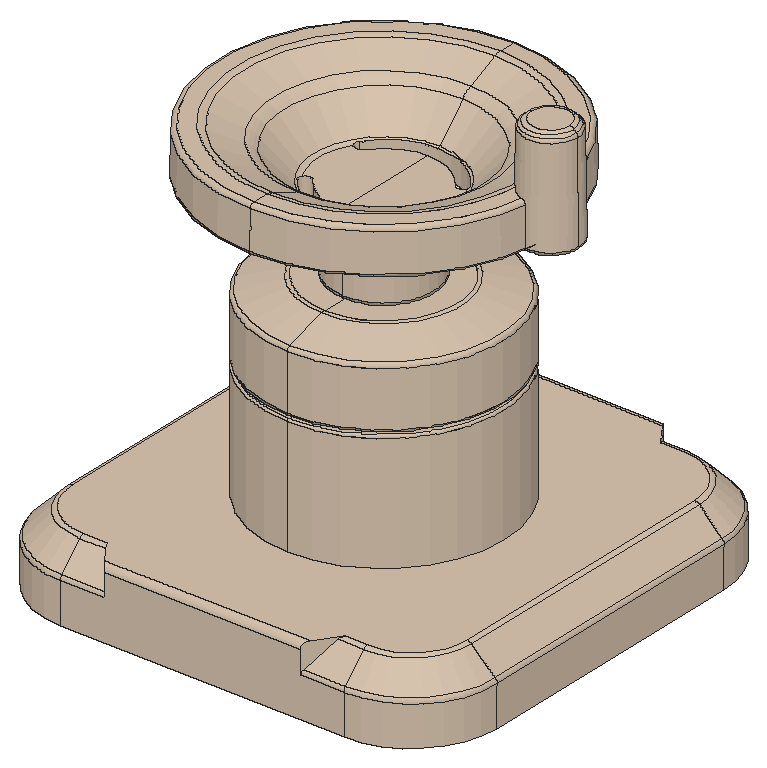
Revit family "Shower-Valve_Trim-KALLISTA-Vice-P34889", category Specialty Equipment, host Face, Revit 2021
Family settings
  Host = Face
  Round Connector Dimension = Use Diameter
  Part Type = Normal
  OmniClass Number = 23.31.25.00
  OmniClass Title = Toilet and Bath Specialties
  Cut with Voids When Loaded = No
  Shared = No
  Room Calculation Point = No
Parameters (values of type "AF-French Gold")
  Width = 4"  # constant formula
  WaterSense Certified = 1 = 0  # no
  URL = "https://www.kallista.com/"
  Type = 1
  Product Page URL = ""
  Product Name = "Vice"  # constant formula
  Product Documentation Link = ""
  Model = if(Type = 1, "P34889-00-AF", if(Type = 2, "P34889-00-BGP", if(Type = 3, "P34889-00-CP", if(Type = 4, "P34889-00-SN", "NA"))))  # "P34889-00-AF"
  Material = "Premium Metal Construction"  # constant formula
  Master Format 2014 Name = "Toilet, Bath, and Laundry Accessories"  # constant formula
  Master Format 2014 = "10 28 00"  # constant formula
  Manufacturer Address = "444 Highland Dr, Kohler, WI 53044"  # constant formula
  Manufacturer = "Kallista Co."  # constant formula
  Length = 4.08661"  # constant formula
  Height = 4"  # constant formula
  Handle Clearance = 3.20185"  # constant formula
  Finish = Kallista-Metal-AF-French_Gold
  Environmental Product Declaration = ""
  Drain Included = 1 = 0  # no
  Description = "Transfer TR M Wheel"  # constant formula
  Default Elevation = 42"
  Declare Label = ""
  Date Modified = "05/26/2024"  # constant formula
  Date Created = "05/26/2024"  # constant formula
  Copyright = "Copyright Kallista Co."  # constant formula
  Contact Us = "https://www.kallista.com/corporate/contact-us/"
  Assembly Code = "C1030200"
  ADA Compliant = 1 = 0  # no
Types (5): name | Type | Model | Finish | Assembly Code
  (no name) | 1 | "P34889-00-AF" | Kallista-Metal-AF-French_Gold | "C1030200"
  AF-French Gold | 1 | "P34889-00-AF" | Kallista-Metal-AF-French_Gold | "C1030200"
  BGP | 2 | "P34889-00-BGP" | Kallista-Metal-BGP | "D2010700"
  CP-Chrome | 3 | "P34889-00-CP" | Kallista-Metal-CP-Chrome | "D2010700"
  SN-Polished Nickel | 4 | "P34889-00-SN" | Kallista-Metal-SN-Polished_Nickel | "D2010700"
Reference planes (in)
  plane 1 "Center (Front/Back)": y = 0
  plane 2: z = 0
  plane 3 "Center (Left/Right)": x = 0
  plane 4: y = 2
  plane 5: y = -2
  plane 6: x = -2
  plane 7: x = 2
  plane 8: x = 1.0629921
  plane 9: x = -1.0629921
  plane 10: y = 1.0629921
  plane 11: y = -1.0629921
  plane 12: z = 4.0866142
  plane 13: z = 0.6102362
  plane 14: y = 1.475884
  plane 15: y = -1.4758876
  plane 16: x = 1.7259843
  plane 17: x = -1.4758661
Dimensions and locks (in)
  "Width": plane 6 to plane 7
  "Height": plane 4 to plane 5
  plane 9 to plane 8 = 2.12598"
  level to plane 13 = 0.61024"
  "Length": level to plane 12
  "Handle Clearance": plane 16 to plane 17
  aligned and locked: plane 2 to host face
  aligned and locked: level to host face
  aligned and locked: plane 1 "Center (Front/Back)" to nested 1
  aligned and locked: plane 3 "Center (Left/Right)" to nested 1
Automatic sketch dimensions
  host sketch curve to host sketch curve = 96"  (x2)
Nested families (in)
  nested 1: "P34889" at (0, 0, 0), type "P34889"
Definition of nested family "P34889"
  Parameters
    Material = none
    Default Elevation = 0"
  Reference planes (in)
    plane 1 "Center (Front/Back)": y = 0
    plane 2: z = 0
    plane 3 "Center (Left/Right)": x = 0
    plane 4: z = 0.6102362
    plane 5: y = -1.0629921
    plane 6: y = 1.0629921
    plane 7: z = 4.0866142
    plane 8: x = 1.0629921
    plane 9: x = -1.0629921
    plane 10: x = 2
    plane 11: x = -2
    plane 12: y = 2
    plane 13: y = -2
    plane 14: z = 3.1430547
    plane 15: y = 1.475884
    plane 16: y = -1.475884
    plane 17: x = 1.7259848
    plane 18: x = -1.475868
  Forms (in)
    Sweep 1, solid, material <- "Material"
      path origin (0, 0, 0) x (1, 0, 0) y (0, 1, 0)
        loop
          line (1.2519685, 2) -> (-1.2519685, 2)
          arc (-1.2519685, 2) -> (-1.7809066, 1.7809066) -> (-2, 1.2519685) r 0.7480315
          line (-2, 1.2519685) -> (-2, -1.2519685)
          arc (-2, -1.2519685) -> (-1.7809066, -1.7809066) -> (-1.2519685, -2) r 0.7480315
          line (-1.2519685, -2) -> (1.2519685, -2)
          arc (1.2519685, -2) -> (1.7809066, -1.7809066) -> (2, -1.2519685) r 0.7480315
          line (2, -1.2519685) -> (2, 1.2519685)
          arc (2, 1.2519685) -> (1.7809066, 1.7809066) -> (1.2519685, 2) r 0.7480315
      profile origin (2, 0, 0) x (1, 0, 0) y (0, 0, 1)
        loop
          line (0, 0) -> (0, 0.3517833)
          arc (0, 0.3517833) -> (-0.0043223, 0.3735131) -> (-0.0166313, 0.3919347) r 0.0567827
          line (-0.0166313, 0.3919347) -> (-0.2177223, 0.5930257)
          arc (-0.2177223, 0.5930257) -> (-0.2367855, 0.6057634) -> (-0.2592721, 0.6102362) r 0.0587602
          line (-0.2592721, 0.6102362) -> (-0.2941105, 0.6102362) -> (-0.2941105, 0) -> (0, 0)
    Extrusion 2, solid, material <- "Material"
      sketch origin (0, 0, 0) x (0, 1, 0) y (0, 0, 1)
        loop
          line (2, 0.3265533) -> (2, 0.5511811)
          arc (2, 0.5511811) -> (1.9827032, 0.5929394) -> (1.9409449, 0.6102362) r 0.0590551
          line (1.9409449, 0.6102362) -> (1.7163171, 0.6102362) -> (2, 0.3265533)
        loop
          line (-2, 0.3265533) -> (-1.7163171, 0.6102362) -> (-1.9409449, 0.6102362)
          arc (-1.9409449, 0.6102362) -> (-1.9827032, 0.5929394) -> (-2, 0.5511811) r 0.0590551
          line (-2, 0.5511811) -> (-2, 0.3265533)
      from -1.0899497 to 1.0744252
    Extrusion 3, solid, material <- "Material"
      sketch origin (0, 0, 0) x (1, 0, 0) y (0, 1, 0)
        loop
          arc (-1.7058895, -1.2519685) -> (-1.5729391, -1.5729391) -> (-1.2519685, -1.7058895) r 0.453921
          line (-1.2519685, -1.7058895) -> (1.2519685, -1.7058895)
          arc (1.2519685, -1.7058895) -> (1.5729391, -1.5729391) -> (1.7058895, -1.2519685) r 0.453921
          line (1.7058895, -1.2519685) -> (1.7058895, 1.2519685)
          arc (1.7058895, 1.2519685) -> (1.5729391, 1.5729391) -> (1.2519685, 1.7058895) r 0.453921
          line (1.2519685, 1.7058895) -> (-1.2519685, 1.7058895)
          arc (-1.2519685, 1.7058895) -> (-1.5729391, 1.5729391) -> (-1.7058895, 1.2519685) r 0.453921
          line (-1.7058895, 1.2519685) -> (-1.7058895, -1.2519685)
      from 0 to 0.6102362
    Revolve 4, solid, material <- "Material", detail levels medium+fine
      sketch origin (0, 0, 0) x (0, 1, 0) y (0, 0, 1)
        loop
          line (1.0629921, 0.6102362) -> (1.0629921, 1.6359895)
          arc (1.0629921, 1.6359895) -> (1.0572265, 1.6499089) -> (1.0433071, 1.6556745) r 0.019685
          line (1.0433071, 1.6556745) -> (0.7780673, 1.6556745)
          arc (0.7780673, 1.6556745) -> (0.7454984, 1.6635268) -> (0.7200862, 1.6853583) r 0.071469
          line (0.7200862, 1.6853583) -> (1.0433071, 1.6853583)
          arc (1.0433071, 1.6853583) -> (1.0572265, 1.6911239) -> (1.0629921, 1.7050433) r 0.019685
          line (1.0629921, 1.7050433) -> (1.0629921, 2.1887982)
          arc (1.0629921, 2.1887982) -> (1.0551981, 2.2123133) -> (1.0349019, 2.2265178) r 0.0393701
          line (1.0349019, 2.2265178) -> (0.6852022, 2.3310934)
          arc (0.6852022, 2.3310934) -> (0.6687497, 2.3347368) -> (0.651943, 2.3359599) r 0.1160851
          line (0.651943, 2.3359599) -> (0.4217514, 2.3359599)
          arc (0.4217514, 2.3359599) -> (0.4414398, 2.3454618) -> (0.4496581, 2.3657196) r 0.0303936
          line (0.4496581, 2.3657196) -> (0.4557118, 2.7112765)
          arc (0.4557118, 2.7112765) -> (0.4597569, 2.7392769) -> (0.4706537, 2.7653853) r 0.1126025
          arc (0.4706537, 2.7653853) -> (0.4775186, 2.7820383) -> (0.4798596, 2.7998979) r 0.069296
          line (0.4798596, 2.7998979) -> (0.4798596, 2.8596706) -> (0.6104282, 2.8596706)
          arc (0.6104282, 2.8596706) -> (0.6265316, 2.862892) -> (0.6401565, 2.8720602) r 0.0418608
          line (0.6401565, 2.8720602) -> (1.1117797, 3.3477984)
          arc (1.1117797, 3.3477984) -> (1.1465652, 3.3712056) -> (1.1876784, 3.37943) r 0.1068739
          line (1.1876784, 3.37943) -> (1.2355474, 3.37943)
          arc (1.2355474, 3.37943) -> (1.2912251, 3.3563675) -> (1.3142875, 3.3006898) r 0.0787402
          line (1.3142875, 3.3006898) -> (1.3142875, 3.1725822)
          arc (1.3142875, 3.1725822) -> (1.322936, 3.1517031) -> (1.3438151, 3.1430547) r 0.0295276
          line (1.3438151, 3.1430547) -> (1.4555061, 3.1430547)
          arc (1.4555061, 3.1430547) -> (1.4695352, 3.1489308) -> (1.4751887, 3.163051) r 0.019685
          line (1.4751887, 3.163051) -> (1.4699042, 3.4971682)
          arc (1.4699042, 3.4971682) -> (1.4581569, 3.5246037) -> (1.4305391, 3.5359157) r 0.0393701
          line (1.4305391, 3.5359157) -> (1.2885803, 3.5359157)
          arc (1.2885803, 3.5359157) -> (1.2578356, 3.5328199) -> (1.2283253, 3.5236567) r 0.1542109
          line (1.2283253, 3.5236567) -> (0.960066, 3.4097874)
          arc (0.960066, 3.4097874) -> (0.9100382, 3.3820565) -> (0.8668692, 3.3445303) r 0.2736072
          line (0.8668692, 3.3445303) -> (0.6186028, 3.0782971)
          arc (0.6186028, 3.0782971) -> (0.5997083, 3.0649438) -> (0.5770563, 3.0602322) r 0.0568077
          line (0.5770563, 3.0602322) -> (0, 3.0602322) -> (0, 0.6102362) -> (1.0629921, 0.6102362)
        axis (0, 3.5359157) -> (0, 0.6102362)
      angle from 0 to 360
    Extrusion 5, void
      sketch origin (0, 0, 0) x (1, 0, 0) y (0, 1, 0)
        loop
          arc (0.4970031, -0.3392668) -> (0.4821988, -0.2619465) -> (0.4047385, -0.276) r 0.0559388
          arc (0.4047385, -0.276) -> (0.0012769, -0.4865254) -> (-0.4029578, -0.2774883) r 0.4936139
          arc (-0.4029578, -0.2774883) -> (-0.4784443, -0.2640111) -> (-0.4927866, -0.3393379) r 0.0545347
          arc (-0.4927866, -0.3393379) -> (0.0021272, -0.6030683) -> (0.4970031, -0.3392668) r 0.59616
        loop
          arc (0.4970031, 0.3392668) -> (0.0021272, 0.6030683) -> (-0.4927866, 0.3393379) r 0.59616
          arc (-0.4927866, 0.3393379) -> (-0.4784443, 0.2640111) -> (-0.4029578, 0.2774883) r 0.0545347
          arc (-0.4029578, 0.2774883) -> (0.0012769, 0.4865254) -> (0.4047385, 0.276) r 0.4936139
          arc (0.4047385, 0.276) -> (0.4821988, 0.2619465) -> (0.4970031, 0.3392668) r 0.0559388
      from 2.8418576 to 3.7010846
    Sweep 6, solid, material <- "Material", detail levels medium+fine
      path origin (0, 0, 0) x (1, 0, 0) y (0, 1, 0)
        loop
          circle (1.4728493, -0.0020668) r 0.253022
      profile origin (1.7258714, -0.0020668, 0) x (1, 0, 0) y (0, 0, 1)
        loop
          line (0.0000025, 3.1630833) -> (-0.0149886, 4.0219257)
          arc (-0.0149886, 4.0219257) -> (-0.018295, 4.0370451) -> (-0.0271736, 4.0497219) r 0.0393701
          line (-0.0271736, 4.0497219) -> (-0.0505771, 4.0720538)
          arc (-0.0505771, 4.0720538) -> (-0.0673484, 4.0828387) -> (-0.0869275, 4.0866142) r 0.052655
          line (-0.0869275, 4.0866142) -> (-0.1266959, 4.0866142) -> (-0.1266959, 3.1430547) -> (-0.0196795, 3.1430547)
          arc (-0.0196795, 3.1430547) -> (-0.0056391, 3.1489423) -> (0.0000025, 3.1630833) r 0.019685
    Extrusion 7, solid, material <- "Material", detail levels medium+fine
      sketch origin (0, 0, 0) x (1, 0, 0) y (0, 1, 0)
        loop
          circle (1.4728493, -0.0020668) r 0.1263261
      from 3.1430547 to 4.0866142
    Revolve 8, solid, material <- "Material", detail levels coarse
      sketch origin (0, 0, 0) x (0, 1, 0) y (0, 0, 1)
        loop
          line (1.0629921, 0.6102362) -> (1.0629921, 2.3359599) -> (0.4798596, 2.3359599) -> (0.4798596, 2.8596706) -> (0.6278741, 2.8596706) -> (1.1117797, 3.3477984)
          arc (1.1117797, 3.3477984) -> (1.1465652, 3.3712056) -> (1.1876784, 3.37943) r 0.1068739
          line (1.1876784, 3.37943) -> (1.2355474, 3.37943)
          arc (1.2355474, 3.37943) -> (1.2912251, 3.3563675) -> (1.3142875, 3.3006898) r 0.0787402
          line (1.3142875, 3.3006898) -> (1.3142875, 3.1725822)
          arc (1.3142875, 3.1725822) -> (1.322936, 3.1517031) -> (1.3438151, 3.1430547) r 0.0295276
          line (1.3438151, 3.1430547) -> (1.4751887, 3.1430547) -> (1.4751887, 3.5359157) -> (1.2885803, 3.5359157)
          arc (1.2885803, 3.5359157) -> (1.2578356, 3.5328199) -> (1.2283253, 3.5236567) r 0.1542109
          line (1.2283253, 3.5236567) -> (0.960066, 3.4097874)
          arc (0.960066, 3.4097874) -> (0.9100382, 3.3820565) -> (0.8668692, 3.3445303) r 0.2736072
          line (0.8668692, 3.3445303) -> (0.6017569, 3.0602322) -> (0, 3.0602322) -> (0, 0.6102362) -> (1.0629921, 0.6102362)
        axis (0, 3.5359157) -> (0, 0.6102362)
      angle from 0 to 360
    Extrusion 9, solid, material <- "Material", detail levels coarse
      sketch origin (0, 0, 0) x (1, 0, 0) y (0, 1, 0)
        loop
          circle (1.4728493, -0.0020668) r 0.253022
      from 3.1430547 to 4.0866142
    Extrusion 10, void
      sketch origin (0, 0, 0) x (1, 0, 0) y (0, 1, 0)
        loop
          line (-1.3452651, 1.3144681) -> (-0.7298713, 2.1933416) -> (-1.3452651, 2.1933416) -> (-1.3452651, 1.3144681)
        loop
          line (1.3452651, 1.3144681) -> (1.3452651, 2.1933416) -> (0.7298713, 2.1933416) -> (1.3452651, 1.3144681)
        loop
          line (-1.3452651, -1.3144681) -> (-1.3452651, -2.1933416) -> (-0.7298713, -2.1933416) -> (-1.3452651, -1.3144681)
        loop
          line (1.3452651, -1.3144681) -> (0.7298713, -2.1933416) -> (1.3452651, -2.1933416) -> (1.3452651, -1.3144681)
      from 0 to 9.8425197
  Cuts and joins
    Extrusion 10 cuts Extrusion 2
    joined: Sweep 1, Extrusion 2, Extrusion 3
    Extrusion 5 cuts Revolve 4
    joined: Sweep 6, Extrusion 7
  Lines and regions (in)
    Masking region 1
      outline origin (0, 0, 0) x (0, 1, 0) y (0, 0, 1)
        loop
          line (2, 0) -> (2, 0.5511811)
          arc (2, 0.5511811) -> (1.9827032, 0.5929394) -> (1.9409449, 0.6102362) r 0.0590551
          line (1.9409449, 0.6102362) -> (1.0629921, 0.6102362) -> (1.0629921, 1.6359895)
          arc (1.0629921, 1.6359895) -> (1.0572265, 1.6499089) -> (1.0433071, 1.6556745) r 0.019685
          line (1.0433071, 1.6556745) -> (0.7780673, 1.6556745)
          arc (0.7780673, 1.6556745) -> (0.7454984, 1.6635268) -> (0.7200862, 1.6853583) r 0.071469
          line (0.7200862, 1.6853583) -> (1.0433071, 1.6853583)
          arc (1.0433071, 1.6853583) -> (1.0572265, 1.6911239) -> (1.0629921, 1.7050433) r 0.019685
          line (1.0629921, 1.7050433) -> (1.0629921, 2.1887982)
          arc (1.0629921, 2.1887982) -> (1.0551981, 2.2123133) -> (1.0349019, 2.2265178) r 0.0393701
          line (1.0349019, 2.2265178) -> (0.6852022, 2.3310934)
          arc (0.6852022, 2.3310934) -> (0.6687497, 2.3347368) -> (0.651943, 2.3359599) r 0.1160851
          line (0.651943, 2.3359599) -> (0.4324844, 2.3359599)
          arc (0.4324844, 2.3359599) -> (0.4511763, 2.34586) -> (0.4588826, 2.365558) r 0.0303936
          line (0.4588826, 2.365558) -> (0.4649391, 2.7112765)
          arc (0.4649391, 2.7112765) -> (0.4689843, 2.7392769) -> (0.479881, 2.7653853) r 0.1126025
          arc (0.479881, 2.7653853) -> (0.4867459, 2.7820383) -> (0.489087, 2.7998979) r 0.069296
          line (0.489087, 2.7998979) -> (0.489087, 2.8596706) -> (0.6104282, 2.8596706)
          arc (0.6104282, 2.8596706) -> (0.6265316, 2.862892) -> (0.6401565, 2.8720602) r 0.0418608
          line (0.6401565, 2.8720602) -> (0.9088069, 3.1430547) -> (1.456202, 3.1430547)
          arc (1.456202, 3.1430547) -> (1.4702424, 3.1489423) -> (1.475884, 3.1630833) r 0.019685
          line (1.475884, 3.1630833) -> (1.4700354, 3.4981521)
          arc (1.4700354, 3.4981521) -> (1.4582662, 3.5255457) -> (1.4306713, 3.5368351) r 0.0393701
          line (1.4306713, 3.5368351) -> (0.2878907, 3.5368351)
          arc (0.2878907, 3.5368351) -> (0.2616274, 3.5439362) -> (0.2425211, 3.5633047) r 0.0521171
          line (0.2425211, 3.5633047) -> (0.2345492, 4.0200135)
          arc (0.2345492, 4.0200135) -> (0.2309147, 4.0367455) -> (0.2211512, 4.0508113) r 0.0438627
          line (0.2211512, 4.0508113) -> (0.1962985, 4.0747937)
          arc (0.1962985, 4.0747937) -> (0.1828107, 4.0835475) -> (0.1670264, 4.0866142) r 0.0421549
          line (0.1670264, 4.0866142) -> (0, 4.0866142) -> (-0.1670264, 4.0866142)
          arc (-0.1670264, 4.0866142) -> (-0.1828107, 4.0835475) -> (-0.1962985, 4.0747937) r 0.0421549
          line (-0.1962985, 4.0747937) -> (-0.2211512, 4.0508113)
          arc (-0.2211512, 4.0508113) -> (-0.2309147, 4.0367455) -> (-0.2345492, 4.0200135) r 0.0438627
          line (-0.2345492, 4.0200135) -> (-0.2425211, 3.5633047)
          arc (-0.2425211, 3.5633047) -> (-0.2616274, 3.5439362) -> (-0.2878907, 3.5368351) r 0.0521171
          line (-0.2878907, 3.5368351) -> (-1.4306713, 3.5368351)
          arc (-1.4306713, 3.5368351) -> (-1.4582662, 3.5255457) -> (-1.4700354, 3.4981521) r 0.0393701
          line (-1.4700354, 3.4981521) -> (-1.475884, 3.1630833)
          arc (-1.475884, 3.1630833) -> (-1.4702424, 3.1489423) -> (-1.456202, 3.1430547) r 0.019685
          line (-1.456202, 3.1430547) -> (-0.9088069, 3.1430547) -> (-0.6401565, 2.8720602)
          arc (-0.6401565, 2.8720602) -> (-0.6265316, 2.862892) -> (-0.6104282, 2.8596706) r 0.0418608
          line (-0.6104282, 2.8596706) -> (-0.489087, 2.8596706) -> (-0.489087, 2.7998979)
          arc (-0.489087, 2.7998979) -> (-0.4867459, 2.7820383) -> (-0.479881, 2.7653853) r 0.069296
          arc (-0.479881, 2.7653853) -> (-0.4689843, 2.7392769) -> (-0.4649391, 2.7112765) r 0.1126025
          line (-0.4649391, 2.7112765) -> (-0.4588826, 2.365558)
          arc (-0.4588826, 2.365558) -> (-0.4511763, 2.34586) -> (-0.4324844, 2.3359599) r 0.0303936
          line (-0.4324844, 2.3359599) -> (-0.651943, 2.3359599)
          arc (-0.651943, 2.3359599) -> (-0.6687497, 2.3347368) -> (-0.6852022, 2.3310934) r 0.1160851
          line (-0.6852022, 2.3310934) -> (-1.0349019, 2.2265178)
          arc (-1.0349019, 2.2265178) -> (-1.0551981, 2.2123133) -> (-1.0629921, 2.1887982) r 0.0393701
          line (-1.0629921, 2.1887982) -> (-1.0629921, 1.7050433)
          arc (-1.0629921, 1.7050433) -> (-1.0572265, 1.6911239) -> (-1.0433071, 1.6853583) r 0.019685
          line (-1.0433071, 1.6853583) -> (-0.7200862, 1.6853583)
          arc (-0.7200862, 1.6853583) -> (-0.7454984, 1.6635268) -> (-0.7780673, 1.6556745) r 0.071469
          line (-0.7780673, 1.6556745) -> (-1.0433071, 1.6556745)
          arc (-1.0433071, 1.6556745) -> (-1.0572265, 1.6499089) -> (-1.0629921, 1.6359895) r 0.019685
          line (-1.0629921, 1.6359895) -> (-1.0629921, 0.6102362) -> (-1.9409449, 0.6102362)
          arc (-1.9409449, 0.6102362) -> (-1.9827032, 0.5929394) -> (-2, 0.5511811) r 0.0590551
          line (-2, 0.5511811) -> (-2, 0) -> (0, 0) -> (2, 0)
    Masking region 2
      outline origin (0, 0, 0) x (1, 0, 0) y (0, 1, 0)
        loop
          line (0, 2) -> (-1.2519685, 2)
          arc (-1.2519685, 2) -> (-1.7809066, 1.7809066) -> (-2, 1.2519685) r 0.7480315
          line (-2, 1.2519685) -> (-2, 0) -> (-2, -1.2519685)
          arc (-2, -1.2519685) -> (-1.7809066, -1.7809066) -> (-1.2519685, -2) r 0.7480315
          line (-1.2519685, -2) -> (0, -2) -> (1.2519685, -2)
          arc (1.2519685, -2) -> (1.7809066, -1.7809066) -> (2, -1.2519685) r 0.7480315
          line (2, -1.2519685) -> (2, 0) -> (2, 1.2519685)
          arc (2, 1.2519685) -> (1.7809066, 1.7809066) -> (1.2519685, 2) r 0.7480315
          line (1.2519685, 2) -> (0, 2)
    Masking region 3
      outline origin (0, 0, 0) x (1, 0, 0) y (0, 0, 1)
        loop
          line (2, 0) -> (2, 0.3517833)
          arc (2, 0.3517833) -> (1.9956777, 0.3735131) -> (1.9833687, 0.3919347) r 0.0567827
          line (1.9833687, 0.3919347) -> (1.7822777, 0.5930257)
          arc (1.7822777, 0.5930257) -> (1.7632145, 0.6057634) -> (1.7407279, 0.6102362) r 0.0587602
          line (1.7407279, 0.6102362) -> (1.0629921, 0.6102362) -> (1.0629921, 1.6355715)
          arc (1.0629921, 1.6355715) -> (1.0572265, 1.6494909) -> (1.0433071, 1.6552566) r 0.019685
          line (1.0433071, 1.6552566) -> (0.7753536, 1.6552566)
          arc (0.7753536, 1.6552566) -> (0.7438297, 1.6632899) -> (0.7199951, 1.6854305) r 0.0658685
          line (0.7199951, 1.6854305) -> (1.0433071, 1.6854305)
          arc (1.0433071, 1.6854305) -> (1.0572265, 1.6911961) -> (1.0629921, 1.7051156) r 0.019685
          line (1.0629921, 1.7051156) -> (1.0629921, 2.1952091)
          arc (1.0629921, 2.1952091) -> (1.057149, 2.2128422) -> (1.041932, 2.2234965) r 0.0295276
          line (1.041932, 2.2234965) -> (0.6823419, 2.331135)
          arc (0.6823419, 2.331135) -> (0.6661527, 2.3347236) -> (0.6496142, 2.3359283) r 0.1141273
          line (0.6496142, 2.3359283) -> (0.4284356, 2.3359283)
          arc (0.4284356, 2.3359283) -> (0.4497602, 2.3444036) -> (0.4588888, 2.3654568) r 0.0300557
          line (0.4588888, 2.3654568) -> (0.4649093, 2.7103667)
          arc (0.4649093, 2.7103667) -> (0.4943324, 2.7868572) -> (0.5660943, 2.8264393) r 0.11958
          arc (0.5660943, 2.8264393) -> (0.597396, 2.8365374) -> (0.6240182, 2.8558512) r 0.1046635
          line (0.6240182, 2.8558512) -> (0.9113748, 3.1432079) -> (1.7063108, 3.1432079)
          arc (1.7063108, 3.1432079) -> (1.7203454, 3.1490931) -> (1.7259848, 3.1632284) r 0.0196771
          line (1.7259848, 3.1632284) -> (1.7110007, 4.0216676)
          arc (1.7110007, 4.0216676) -> (1.7076646, 4.0369231) -> (1.6987062, 4.0497139) r 0.0397242
          line (1.6987062, 4.0497139) -> (1.6732659, 4.0739893)
          arc (1.6732659, 4.0739893) -> (1.658724, 4.0833406) -> (1.6417476, 4.0866142) r 0.0456556
          line (1.6417476, 4.0866142) -> (1.476144, 4.0866142) -> (1.3105404, 4.0866142)
          arc (1.3105404, 4.0866142) -> (1.293564, 4.0833406) -> (1.2790221, 4.0739893) r 0.0456556
          line (1.2790221, 4.0739893) -> (1.2535818, 4.0497139)
          arc (1.2535818, 4.0497139) -> (1.2446233, 4.0369231) -> (1.2412872, 4.0216676) r 0.0397242
          line (1.2412872, 4.0216676) -> (1.2328229, 3.5367484) -> (-1.4306593, 3.5367484)
          arc (-1.4306593, 3.5367484) -> (-1.4582542, 3.525459) -> (-1.4700234, 3.4980654) r 0.0393701
          line (-1.4700234, 3.4980654) -> (-1.475868, 3.1632284)
          arc (-1.475868, 3.1632284) -> (-1.4702286, 3.1490931) -> (-1.456194, 3.1432079) r 0.0196771
          line (-1.456194, 3.1432079) -> (-0.9113748, 3.1432079) -> (-0.6240182, 2.8558512)
          arc (-0.6240182, 2.8558512) -> (-0.597396, 2.8365374) -> (-0.5660943, 2.8264393) r 0.1046635
          arc (-0.5660943, 2.8264393) -> (-0.4943324, 2.7868572) -> (-0.4649093, 2.7103667) r 0.11958
          line (-0.4649093, 2.7103667) -> (-0.4588888, 2.3654568)
          arc (-0.4588888, 2.3654568) -> (-0.4497602, 2.3444036) -> (-0.4284356, 2.3359283) r 0.0300557
          line (-0.4284356, 2.3359283) -> (-0.6496142, 2.3359283)
          arc (-0.6496142, 2.3359283) -> (-0.6661527, 2.3347236) -> (-0.6823419, 2.331135) r 0.1141273
          line (-0.6823419, 2.331135) -> (-1.041932, 2.2234965)
          arc (-1.041932, 2.2234965) -> (-1.057149, 2.2128422) -> (-1.0629921, 2.1952091) r 0.0295276
          line (-1.0629921, 2.1952091) -> (-1.0629921, 1.7051156)
          arc (-1.0629921, 1.7051156) -> (-1.0572265, 1.6911961) -> (-1.0433071, 1.6854305) r 0.019685
          line (-1.0433071, 1.6854305) -> (-0.7199951, 1.6854305)
          arc (-0.7199951, 1.6854305) -> (-0.7438297, 1.6632899) -> (-0.7753536, 1.6552566) r 0.0658685
          line (-0.7753536, 1.6552566) -> (-1.0433071, 1.6552566)
          arc (-1.0433071, 1.6552566) -> (-1.0572265, 1.6494909) -> (-1.0629921, 1.6355715) r 0.019685
          line (-1.0629921, 1.6355715) -> (-1.0629921, 0.6102362) -> (-1.7396807, 0.6102362)
          arc (-1.7396807, 0.6102362) -> (-1.7631348, 0.6055709) -> (-1.7830182, 0.5922853) r 0.0612884
          line (-1.7830182, 0.5922853) -> (-1.9832332, 0.3920702)
          arc (-1.9832332, 0.3920702) -> (-1.9956425, 0.3734985) -> (-2, 0.3515917) r 0.0572453
          line (-2, 0.3515917) -> (-2, 0) -> (2, 0)
    symbolic lines, detail levels medium+fine
      curve 1: line (0, 2, 0.3532252) -> (0, 0, 0.3532252)
      curve 2: line (0, 2, 0.388069) -> (0, 0.0123602, 0.388069)
      curve 3: line (0, 2, 0.388069) -> (0, 1.7778328, 0.6102362)
      curve 4: line (0, 1.0629921, 0.6102362) -> (0, 0, 0.6102362)
      curve 5: line (0, 1.0629921, 1.6359895) -> (0, 0, 1.6359895)
      curve 6: line (0, 0.7780673, 1.6556745) -> (0, 0, 1.6556745)
      curve 7: line (0, 0.7200862, 1.6853583) -> (0, 0, 1.6853583)
      curve 8: line (0, 1.0629921, 1.7050433) -> (0, 0, 1.7050433)
      curve 9: line (0, 1.0629921, 2.1887982) -> (0, 0, 2.1887982)
      curve 10: line (0, 1.0349019, 2.2265178) -> (0, 0, 2.2265178)
      curve 11: line (0, 0.6852022, 2.3310934) -> (0, 0, 2.3310934)
      curve 12: line (0, 0.4324844, 2.3359599) -> (0, 0, 2.3359599)
      curve 13: line (0, 0.4588826, 2.365558) -> (0, 0, 2.365558)
      curve 14: line (0, 0.4649391, 2.7112765) -> (0, 0, 2.7112765)
      curve 15: line (0, 0.489087, 2.8596706) -> (0, 0.3578185, 2.8596706)
      curve 16: arc (0, 0.3264747, 2.8521904) -> (0, 0.294502, 2.8378221) -> (0, 0.2613401, 2.8264643) r 0.3796008
      curve 17: arc (0, 0.3578185, 2.8596706) -> (0, 0.3417065, 2.8577747) -> (0, 0.3264747, 2.8521904) r 0.0694091
      curve 18: line (0, 0.489087, 2.7998979) -> (0, 0.2890816, 2.7998979)
      curve 19: arc (0, 0.2890816, 2.7998979) -> (0, 0.2698764, 2.8076107) -> (0, 0.2613401, 2.8264643) r 0.0277675
      curve 20: line (0, 0.479881, 2.7653853) -> (0, 0.2996126, 2.7653853)
      curve 21: arc (0, 0.2996126, 2.7653853) -> (0, 0.263573, 2.785333) -> (0, 0.2613401, 2.8264643) r 0.0425304
      curve 22: line (0, 0, 2.8248058) -> (0, 0.1760029, 2.8248058)
      curve 23: arc (0, 0.1760029, 2.8248058) -> (0, 0.2186796, 2.8252205) -> (0, 0.2613401, 2.8264643) r 2.1962914
      curve 24: line (0, 0.9088069, 3.1430547) -> (0, 0, 3.1430547)
      curve 25: line (0, 1.475884, 3.1630833) -> (0, 0, 3.1630833)
      curve 26: line (0, 1.4700354, 3.4981521) -> (0, 0, 3.4981521)
      curve 27: line (0, 0.2878907, 3.5368351) -> (0, 0, 3.5368351)
      curve 28: line (0, 0.2421342, 3.5854692) -> (0, 0.1825343, 3.5854692)
      curve 29: arc (0, 0.1825343, 3.5854692) -> (0, 0.0922883, 3.5624755) -> (0, 0, 3.5499882) r 0.8103389
      curve 30: line (0, 0.1962985, 4.0747937) -> (0, 0, 4.0747937)
      curve 31: line (0, 0.2211512, 4.0508113) -> (0, 0, 4.0508113)
      curve 32: line (0, 0.2345492, 4.0200135) -> (0, 0, 4.0200135)
      curve 33: line (0, -2, 0.3532252) -> (0, 0, 0.3532252)
      curve 34: line (0, -2, 0.388069) -> (0, -0.0123602, 0.388069)
      curve 35: line (0, -2, 0.388069) -> (0, -1.7778328, 0.6102362)
      curve 36: line (0, -1.0629921, 0.6102362) -> (0, 0, 0.6102362)
      curve 37: line (0, -1.0629921, 1.6359895) -> (0, 0, 1.6359895)
      curve 38: line (0, -0.7780673, 1.6556745) -> (0, 0, 1.6556745)
      curve 39: line (0, -0.7200862, 1.6853583) -> (0, 0, 1.6853583)
      curve 40: line (0, -1.0629921, 1.7050433) -> (0, 0, 1.7050433)
      curve 41: line (0, -1.0629921, 2.1887982) -> (0, 0, 2.1887982)
      curve 42: line (0, -1.0349019, 2.2265178) -> (0, 0, 2.2265178)
      curve 43: line (0, -0.6852022, 2.3310934) -> (0, 0, 2.3310934)
      curve 44: line (0, -0.4324844, 2.3359599) -> (0, 0, 2.3359599)
      curve 45: line (0, -0.4588826, 2.365558) -> (0, 0, 2.365558)
      curve 46: line (0, -0.4649391, 2.7112765) -> (0, 0, 2.7112765)
      curve 47: line (0, -0.489087, 2.8596706) -> (0, -0.3578185, 2.8596706)
      curve 48: arc (0, -0.3264747, 2.8521904) -> (0, -0.294502, 2.8378221) -> (0, -0.2613401, 2.8264643) r 0.3796008
      curve 49: arc (0, -0.3578185, 2.8596706) -> (0, -0.3417065, 2.8577747) -> (0, -0.3264747, 2.8521904) r 0.0694091
      curve 50: line (0, -0.489087, 2.7998979) -> (0, -0.2890816, 2.7998979)
      curve 51: arc (0, -0.2890816, 2.7998979) -> (0, -0.2698764, 2.8076107) -> (0, -0.2613401, 2.8264643) r 0.0277675
      curve 52: line (0, -0.479881, 2.7653853) -> (0, -0.2996126, 2.7653853)
      curve 53: arc (0, -0.2996126, 2.7653853) -> (0, -0.263573, 2.785333) -> (0, -0.2613401, 2.8264643) r 0.0425304
      curve 54: line (0, 0, 2.8248058) -> (0, -0.1760029, 2.8248058)
      curve 55: arc (0, -0.1760029, 2.8248058) -> (0, -0.2186796, 2.8252205) -> (0, -0.2613401, 2.8264643) r 2.1962914
      curve 56: line (0, -0.9088069, 3.1430547) -> (0, 0, 3.1430547)
      curve 57: line (0, -1.475884, 3.1630833) -> (0, 0, 3.1630833)
      curve 58: line (0, -1.4700354, 3.4981521) -> (0, 0, 3.4981521)
      curve 59: line (0, -0.2878907, 3.5368351) -> (0, 0, 3.5368351)
      curve 60: line (0, -0.2421342, 3.5854692) -> (0, -0.1825343, 3.5854692)
      curve 61: arc (0, -0.1825343, 3.5854692) -> (0, -0.0922883, 3.5624755) -> (0, 0, 3.5499882) r 0.8103389
      curve 62: line (0, -0.1962985, 4.0747937) -> (0, 0, 4.0747937)
      curve 63: line (0, -0.2211512, 4.0508113) -> (0, 0, 4.0508113)
      curve 64: line (0, -0.2345492, 4.0200135) -> (0, 0, 4.0200135)
      curve 65: line (-0.9043679, 1.7451402, 0) -> (-1.231119, 1.7451402, 0)
      curve 66: line (-1.7429301, 1.2333292, 0) -> (-1.7429301, 0, 0)
      curve 67: arc (-1.231119, 1.7451402, 0) -> (-1.5930241, 1.5952342, 0) -> (-1.7429301, 1.2333292, 0) r 0.511811
      curve 68: line (-0.7652885, 1.8175404, 0) -> (-0.6375289, 2, 0)
      curve 69: arc (-0.7652885, 1.8175404, 0) -> (-0.8259701, 1.764324, 0) -> (-0.9043679, 1.7451402, 0) r 0.1697846
      curve 70: line (-1.7429301, 1.2333292, 0) -> (-2, 1.2333292, 0)
      curve 71: line (-1.231119, 1.7451402, 0) -> (-1.231119, 2, 0)
      curve 72: line (-0.9043679, 1.7451402, 0) -> (-0.9043679, 2, 0)
      curve 73: line (-0.9043679, -1.7451402, 0) -> (-1.231119, -1.7451402, 0)
      curve 74: line (-1.7429301, -1.2333292, 0) -> (-1.7429301, 0, 0)
      curve 75: arc (-1.231119, -1.7451402, 0) -> (-1.5930241, -1.5952342, 0) -> (-1.7429301, -1.2333292, 0) r 0.511811
      curve 76: line (-0.7652885, -1.8175404, 0) -> (-0.6375289, -2, 0)
      curve 77: arc (-0.7652885, -1.8175404, 0) -> (-0.8259701, -1.764324, 0) -> (-0.9043679, -1.7451402, 0) r 0.1697846
      curve 78: line (-1.7429301, -1.2333292, 0) -> (-2, -1.2333292, 0)
      curve 79: line (-1.231119, -1.7451402, 0) -> (-1.231119, -2, 0)
      curve 80: line (-0.9043679, -1.7451402, 0) -> (-0.9043679, -2, 0)
      curve 81: line (0.9043679, 1.7451402, 0) -> (1.231119, 1.7451402, 0)
      curve 82: line (1.7429301, 1.2333292, 0) -> (1.7429301, 0, 0)
      curve 83: arc (1.231119, 1.7451402, 0) -> (1.5930241, 1.5952342, 0) -> (1.7429301, 1.2333292, 0) r 0.511811
      curve 84: line (0.7652885, 1.8175404, 0) -> (0.6375289, 2, 0)
      curve 85: arc (0.7652885, 1.8175404, 0) -> (0.8259701, 1.764324, 0) -> (0.9043679, 1.7451402, 0) r 0.1697846
      curve 86: line (1.7429301, 1.2333292, 0) -> (2, 1.2333292, 0)
      curve 87: line (1.231119, 1.7451402, 0) -> (1.231119, 2, 0)
      curve 88: line (0.9043679, 1.7451402, 0) -> (0.9043679, 2, 0)
      curve 89: line (0.9043679, -1.7451402, 0) -> (1.231119, -1.7451402, 0)
      curve 90: line (1.7429301, -1.2333292, 0) -> (1.7429301, 0, 0)
      curve 91: arc (1.231119, -1.7451402, 0) -> (1.5930241, -1.5952342, 0) -> (1.7429301, -1.2333292, 0) r 0.511811
      curve 92: line (0.7652885, -1.8175404, 0) -> (0.6375289, -2, 0)
      curve 93: arc (0.7652885, -1.8175404, 0) -> (0.8259701, -1.764324, 0) -> (0.9043679, -1.7451402, 0) r 0.1697846
      curve 94: line (1.7429301, -1.2333292, 0) -> (2, -1.2333292, 0)
      curve 95: line (1.231119, -1.7451402, 0) -> (1.231119, -2, 0)
      curve 96: line (0.9043679, -1.7451402, 0) -> (0.9043679, -2, 0)
      curve 97: line (-0.6777438, 1.9425672, 0) -> (0.6777438, 1.9425672, 0)
      curve 98: line (-0.6777438, -1.9425672, 0) -> (0.6777438, -1.9425672, 0)
      curve 99: arc (1.4448433, 0.2922472, 0) -> (-1.4810873, -0.0031876, 0) -> (1.445615, -0.2908773, 0) r 1.4776844
      curve 100: arc (1.4923913, 0.2501994, 0) -> (1.6578401, 0.1705558, 0) -> (1.7258629, 0, 0) r 0.253022
      curve 101: arc (1.4923913, 0.2501994, 0) -> (1.4615711, 0.2632554, 0) -> (1.4448433, 0.2922472, 0) r 0.0526646
      curve 102: arc (1.4915716, -0.2502616, 0) -> (1.6575594, -0.1708561, 0) -> (1.7258629, 0, 0) r 0.253022
      curve 103: arc (1.445615, -0.2908773, 0) -> (1.4617537, -0.2628305, 0) -> (1.4915716, -0.2502616, 0) r 0.0506907
      curve 104: arc (1.3992512, 0.2841546, 0) -> (-1.4338709, -0.0009089, 0) -> (1.3992512, -0.2859724, 0) r 1.4309023
      curve 105: arc (1.3992512, 0.2841546, 0) -> (1.3340391, 0.2507292, 0) -> (1.278729, 0.2026597, 0) r 0.3037661
      curve 106: arc (1.4155973, 0.2205849, 0) -> (1.3763506, 0.2065946, 0) -> (1.3402735, 0.1857503, 0) r 0.2298948
      curve 107: arc (1.4274133, -0.1757328, 0) -> (1.5474733, 0.1697225, 0) -> (1.3711533, -0.1506914, 0) r 0.1835134
      curve 108: circle (1.4728493, -0.0020668, 0) r 0.175364 normal (0, 0, 1)
      curve 109: line (1.3992512, 0.2841546, 0) -> (1.4155973, 0.2205849, 0)
      curve 110: arc (1.3402735, 0.1857503, 0) -> (1.5693481, -0.2107283, 0) -> (1.4155973, 0.2205849, 0) r 0.2298948
      curve 111: line (1.3992512, -0.2859724, 0) -> (1.4149425, -0.2245492, 0)
      curve 112: arc (1.3711533, -0.1506914, 0) -> (1.3982254, -0.1655888, 0) -> (1.4274133, -0.1757328, 0) r 0.1835134
      curve 113: arc (1.2760875, 0.1996953, 0) -> (-1.2976602, -0.0009089, 0) -> (1.2760875, -0.2015131, 0) r 1.2946916
      curve 114: circle (-0.0029685, -0.0009089, 0) r 0.984252 normal (0, 0, 1)
      curve 115: circle (-0.0029685, -0.0009089, 0) r 0.9153865 normal (0, 0, 1)
      curve 116: arc (-0.4168981, 0.2723042, 0) -> (-0.0140246, 0.4778267, 0) -> (0.3863864, 0.2675468, 0) r 0.4919235
      curve 117: arc (-0.4902007, 0.3223568, 0) -> (-0.0064322, 0.5890195, 0) -> (0.4843848, 0.3355641, 0) r 0.5866224
      curve 118: arc (0.4843848, 0.3355641, 0) -> (0.4692977, 0.2526953, 0) -> (0.3863864, 0.2675468, 0) r 0.0596451
      curve 119: arc (-0.4168981, 0.2723042, 0) -> (-0.4780234, 0.2614881, 0) -> (-0.4902007, 0.3223568, 0) r 0.0443916
      curve 120: arc (-0.4168981, -0.2723042, 0) -> (-0.0140246, -0.4778267, 0) -> (0.3863864, -0.2675468, 0) r 0.4919235
      curve 121: arc (-0.4902007, -0.3223568, 0) -> (-0.0064322, -0.5890195, 0) -> (0.4843848, -0.3355641, 0) r 0.5866224
      curve 122: arc (0.4843848, -0.3355641, 0) -> (0.4692977, -0.2526953, 0) -> (0.3863864, -0.2675468, 0) r 0.0596451
      curve 123: arc (-0.4168981, -0.2723042, 0) -> (-0.4780234, -0.2614881, 0) -> (-0.4902007, -0.3223568, 0) r 0.0443916
      curve 124: arc (-0.2651686, -0.2445865, 0) -> (-0.1346637, 0.336319, 0) -> (0.3614132, 0.007092, 0) r 0.3614191
      curve 125: arc (-0.1568333, -0.138413, 0) -> (-0.0738522, 0.189313, 0) -> (0.2104395, 0.0063693, 0) r 0.2082105
      curve 126: line (-0.2349857, -0.2451679, 0) -> (-0.1581207, -0.1683029, 0)
      curve 127: arc (-0.1581207, -0.1683029, 0) -> (-0.1516602, -0.1536085, 0) -> (-0.1568333, -0.138413, 0) r 0.0221276
      curve 128: arc (-0.2349857, -0.2451679, 0) -> (-0.2502009, -0.2512992, 0) -> (-0.2651686, -0.2445865, 0) r 0.0209469
      curve 129: line (0.2104395, 0.0063693, 0) -> (0.1294195, 0.0063693, 0)
      curve 130: line (0.2856763, -0.1671714, 0) -> (0.1294195, 0.0063693, 0)
      curve 131: line (0.2856763, -0.1671714, 0) -> (0.4371612, 0.007092, 0)
      curve 132: line (0.3614132, 0.007092, 0) -> (0.4371612, 0.007092, 0)
      curve 133: arc (1.278729, 0.2026597, 0) -> (1.2004326, 0.0010764, 0) -> (1.2760875, -0.2015131, 0) r 0.3037661
      curve 134: arc (1.2760875, -0.2015131, 0) -> (1.3323981, -0.2514296, 0) -> (1.3992512, -0.2859724, 0) r 0.3037661
      curve 135: line (1.4453261, 0, 3.1432079) -> (1.4453261, 0, 3.4946062)
      curve 136: line (1.2328229, 0, 3.5367484) -> (1.4031839, 0, 3.5367484)
      curve 137: arc (1.4031839, 0, 3.5367484) -> (1.4329829, 0, 3.5244052) -> (1.4453261, 0, 3.4946062) r 0.0421422
      curve 138: line (2, 0, 0.3517833) -> (1.5731087, 0, 0.3517833)
      curve 139: line (1.4196442, 0, 0.4316719) -> (1.2946121, 0, 0.6102362)
      curve 140: arc (1.5731087, 0, 0.3517833) -> (1.4866022, 0, 0.3729513) -> (1.4196442, 0, 0.4316719) r 0.1873456
      curve 141: line (1.5731087, 0, 0.3517833) -> (1.5731087, 0, 0.6102362)
      curve 142: line (-2, 0, 0.3515917) -> (-1.5846776, 0, 0.3515917)
      curve 143: line (-1.29413, 0, 0.6102362) -> (-1.4124612, 0, 0.4412418)
      curve 144: arc (-1.4124612, 0, 0.4412418) -> (-1.4876007, 0, 0.3753462) -> (-1.5846776, 0, 0.3515917) r 0.2102374
      curve 145: line (-1.5846776, 0, 0.3515917) -> (-1.5846776, 0, 0.6102362)
      curve 146: line (1.0629921, 0, 0.6102362) -> (-1.0629921, 0, 0.6102362)
      curve 147: line (1.3361507, 0, 0.550913) -> (-1.3356686, 0, 0.550913)
      curve 148: line (0.7199951, 0, 1.6854305) -> (-0.7199951, 0, 1.6854305)
      curve 149: line (0.7753536, 0, 1.6552566) -> (-0.7753536, 0, 1.6552566)
      curve 150: line (1.0629921, 0, 1.6355715) -> (-1.0629921, 0, 1.6355715)
      curve 151: line (1.0629921, 0, 1.7051156) -> (-1.0629921, 0, 1.7051156)
      curve 152: line (1.0629921, 0, 2.1960685) -> (-1.0629921, 0, 2.1960685)
      curve 153: line (1.039061, 0, 2.2243559) -> (-1.039061, 0, 2.2243559)
      curve 154: line (0.4284356, 0, 2.3359283) -> (-0.4284356, 0, 2.3359283)
      curve 155: line (0.4588888, 0, 2.3654568) -> (-0.4588888, 0, 2.3654568)
      curve 156: line (0.4649093, 0, 2.7103667) -> (-0.4649093, 0, 2.7103667)
      curve 157: line (0.5138281, 0, 2.8650121) -> (0, 0, 2.8650121)
      curve 158: arc (0.5183077, 0, 2.8330307) -> (0.4710061, 0, 2.8152112) -> (0.4272457, 0, 2.7899128) r 0.3087587
      curve 159: line (0.3826659, 0, 2.7759731) -> (0, 0, 2.7759731)
      curve 160: arc (0.4272457, 0, 2.7899128) -> (0.4060201, 0, 2.7795393) -> (0.3826659, 0, 2.7759731) r 0.0782541
      curve 161: arc (0.5183077, 0, 2.8330307) -> (0.5299749, 0, 2.8509694) -> (0.5138281, 0, 2.8650121) r 0.0163045
      curve 162: line (-0.5138281, 0, 2.8650121) -> (0, 0, 2.8650121)
      curve 163: arc (-0.5183077, 0, 2.8330307) -> (-0.4710061, 0, 2.8152112) -> (-0.4272457, 0, 2.7899128) r 0.3087587
      curve 164: line (-0.3826659, 0, 2.7759731) -> (0, 0, 2.7759731)
      curve 165: arc (-0.4272457, 0, 2.7899128) -> (-0.4060201, 0, 2.7795393) -> (-0.3826659, 0, 2.7759731) r 0.0782541
      curve 166: arc (-0.5183077, 0, 2.8330307) -> (-0.5299749, 0, 2.8509694) -> (-0.5138281, 0, 2.8650121) r 0.0163045
      curve 167: line (0.9113748, 0, 3.1432079) -> (-0.9113748, 0, 3.1432079)
      curve 168: line (1.7259848, 0, 3.1632284) -> (-1.475868, 0, 3.1632284)
      curve 169: line (1.4453261, 0, 3.4946062) -> (-1.4700234, 0, 3.4980654)
      curve 170: line (1.4855964, 0, 3.1432079) -> (1.4855964, 0, 3.5053759)
      curve 171: line (1.3230815, 0, 3.5853104) -> (1.4056619, 0, 3.5853104)
      curve 172: line (1.2330561, 0, 3.550107) -> (1.2608242, 0, 3.5674584)
      curve 173: arc (1.2608242, 0, 3.5674584) -> (1.2906984, 0, 3.5807593) -> (1.3230815, 0, 3.5853104) r 0.1174846
      curve 174: arc (1.4056619, 0, 3.5853104) -> (1.4621842, 0, 3.5618981) -> (1.4855964, 0, 3.5053759) r 0.0799345
      curve 175: line (1.6732659, 0, 4.0739893) -> (1.2790221, 0, 4.0739893)
      curve 176: line (1.6987062, 0, 4.0497139) -> (1.2535818, 0, 4.0497139)
      curve 177: line (1.7110007, 0, 4.0216676) -> (1.2412872, 0, 4.0216676)
      curve 178: line (-0.6823419, 0, 2.331135) -> (0.6823419, 0, 2.331135)
  Dimensions and locks (in)
    aligned and locked: plane 2 to level
    aligned and locked: Masking region 3 sketch curve to level
    aligned and locked: plane 9 to Masking region 3 sketch curve  (x2)
    aligned and locked: plane 8 to Masking region 3 sketch curve  (x2)
    aligned and locked: Revolve 4 sketch curve to plane 1 "Center (Front/Back)"
    aligned and locked: Revolve 4 sketch curve to plane 14
    aligned and locked: plane 14 to Sweep 6 sketch curve
